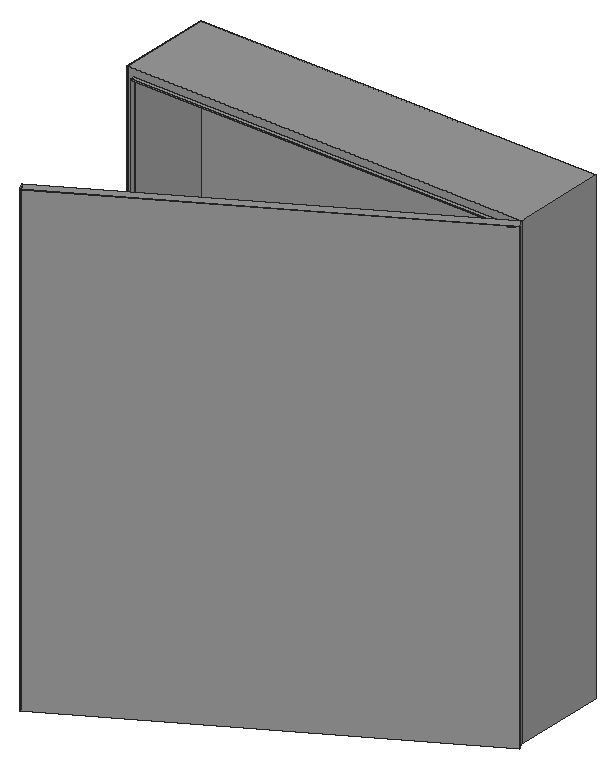
Revit family "Hager-Univers-IP54-D205-H950-Cl.II-Encl-NoHosted-CH-de", category Equipement électrique, Revit 2020
Family settings
  Configuration du panneau = Deux colonnes, circuits au sein
  Cote de connecteur circulaire = Utiliser le diamètre
  Type d'élément = Tableau de raccordement
  Basée sur le plan de construction = Oui
  Toujours verticalement = Oui
  Couper avec des vides une fois chargée = Non
  Partagée = Non
  Point de calcul de pièce = Non
Parameters (values of type "Aufputz IP54 B800 H950 T205  - FP63QSW")
  Width Control [instance] = if([EF000008 - Breite] > Min Width, [EF000008 - Breite], Min Width)  # 800 mm
  Commentaires du type = [HG000003 - Bereich]  # "Univers"
  Thickness Door [instance] = if([EF009171 - Materialstärke Tür/Deckel] > 3 mm, 3 mm, [EF009171 - Materialstärke Tür/Deckel])  # 1 mm
  Seal Frame Offset [instance] = 17 mm  # constant formula
  Plinth Visibility [instance] = [HG000027 - Sockelhöhe] > 0 mm  # no
  Min Width [instance] = 100 mm  # constant formula
  Min Depth [instance] = (2 * [EF009170 - Materialstärke Gehäuse]) + 1 mm  # 3 mm
  Min Height [instance] = 100 mm  # constant formula
  Internal Frame Depth [instance] = (Door System Depth * 0.5)  # 9 mm
  Panel Name [instance] = ""  # (empty or 0)
  Model = ""
  HG000027 - Sockelhöhe = 0 mm
  HG000026 - Stehend auf dem Boden = no
  HG000024 - Höhe des unteren Teils = 600 mm
  HG000023 - Gehäuse mit doppeltem Querschnitt = no
  HG000016 - 3D-Türsichtbarkeit [instance] = yes
  HG000015 - Sichtbarkeit der Türöffnung [instance] = no
  HG000014 - Tür rechts [instance] = yes
  HG000013 - Tür links [instance] = not([HG000014 - Tür rechts])  # no
  HG000012 - Türschwenkwinkel [instance] = 30.00°
  HG000010 - Asymmetrische Türen = no
  HG000009 - Doppelflügeligen Tür = no
  HG000006 - Unterputz = no
  HG000004 - Herstellerreferenz = "FP63QSW"
  HG000003 - Bereich = "Univers"
  HG000002 - Mit tür = yes
  Frame Offset Bottom [instance] = 10 mm  # constant formula
  Frame Offset [instance] = 15 mm  # constant formula
  EF015940 - Deckel mit Überdruckentlastung = no
  EF011959 - Schutzart (NEMA) = ""
  EF009554 - Anzahl der Öffnungen für Flanschplatten = 6
  EF009212 - Ausführung Deckel = "EV000116 - geschlossen"
  EF009171 - Materialstärke Tür/Deckel = 1 mm
  EF009170 - Materialstärke Gehäuse = 1 mm
  EF008873 - Nennstrom (In) = 250 A
  EF007800 - Geeignet für Blitzschutz = no
  EF006306 - Mit Schloss = no
  EF006244 - Transparenter Deckel/Tür = no
  EF005474 - Schutzart (IP) = "EV006419 - IP54"
  EF004464 - Art der Tür = "EV002646 - Einzel"
  EF004427 - Anzahl der Module = 216
  EF004293 - Schlagfestigkeit = "EV006815 - IK09"
  EF003532 - Geeignet für Außengebrauch = no
  EF002950 - Breite in Teilungseinheiten = 36
  EF001613 - Funktionserhalt = "EV000494 - ohne"
  EF001596 - Werkstoff des Gehäuses = "EV000179 - Stahl"
  EF001131 - Innentiefe = 143 mm
  EF001088 - Anbaumöglichkeit = yes
  EF000437 - Anzahl der Leitungseinführungen = 6
  EF000339 - Art der Abdeckung = "EV001012 - Deckel"
  EF000266 - Anzahl der Reihen = 6
  EF000218 - Einbautiefe = 0 mm
  EF000118 - Mit Montageplatte = no
  EF000116 - RAL-Nummer = "9010"
  EF000049 - Tiefe = 205 mm
  EF000040 - Höhe = 950 mm
  EF000008 - Breite = 800 mm
  EF000007 - Farbe = "EV000202 - weiß"
  EF000003 - Montageart = "EV000384 - Aufputz"
  Door System Leaf Tolerance [instance] = 1.5 mm  # constant formula
  Door System Depth [instance] = 18 mm  # constant formula
  Door Height [instance] = Height Control - [HG000027 - Sockelhöhe]  # 950 mm
  Description = ""
  Default Elevation = 1219.2 mm
  Connector Offset [instance] = Height Control / 2  # 475 mm
  Fabricant = "Hager"  # constant formula
  Height Control [instance] = if([EF000040 - Höhe] > Min Height, [EF000040 - Höhe], Min Height)  # 950 mm
  Depth Control [instance] = if([EF000049 - Tiefe] > Min Depth, [EF000049 - Tiefe], Min Depth)  # 205 mm
  Bottom Top Plate Trim [instance] = 1.5 mm  # constant formula
  Plinth height Ctrl [instance] = if([HG000027 - Sockelhöhe] > 0 mm, [HG000027 - Sockelhöhe], 12 mm)  # 12 mm
Types (5, lengths in mm): name | Width Control | HG000010 - Asymmetrische Türen | HG000009 - Doppelflügeligen Tür | HG000004 - Herstellerreferenz | EF009554 - Anzahl der Öffnungen für Flanschplatten | EF004464 - Art der Tür | EF004427 - Anzahl der Module | EF002950 - Breite in Teilungseinheiten | EF001131 - Innentiefe | EF000437 - Anzahl der Leitungseinführungen | EF000339 - Art der Abdeckung | EF000008 - Breite
  Aufputz IP54 B1050 H950 T205  - FP64QSW | 1050 | no | no | "FP64QSW" | 8 | "EV003602 - Doppel" | 288 | 48 | 143 | 8 | "EV001012 - Deckel" | 1050
  Aufputz IP54 B1300 H950 T205  - FP65QSW | 1300 | yes | yes | "FP65QSW" | 10 | "EV003602 - Doppel" | 360 | 60 | 130 | 10 | "EV004216 - Tür" | 1300
  Aufputz IP54 B300 H950 T205  - FP61QSW | 300 | no | no | "FP61QSW" | 2 | "EV002646 - Einzel" | 72 | 12 | 130 | 2 | "EV004216 - Tür" | 300
  Aufputz IP54 B550 H950 T205  - FP62QSW | 550 | no | no | "FP62QSW" | 4 | "EV002646 - Einzel" | 144 | 24 | 130 | 4 | "EV001012 - Deckel" | 550
  Aufputz IP54 B800 H950 T205  - FP63QSW | 800 | no | no | "FP63QSW" | 6 | "EV002646 - Einzel" | 216 | 36 | 143 | 6 | "EV001012 - Deckel" | 800
Reference planes
  plane 1 "Center (Front/Back)": y = 0
  plane 2: z = 0
  plane 3 "Center (Left/Right)": x = 0
  plane 4: y = 0
  plane 5: y = 0
  plane 6: z = 0
  plane 7: x = -400
  plane 8: x = 400
  plane 9: x = 399
  plane 10: x = -399
  plane 11: z = 0
  plane 12: z = 1
  plane 13: y = -205
  plane 14: y = -1
  plane 15: x = 0
  plane 16: y = -187
  plane 17: y = -204
  plane 18: y = -186
  plane 19: x = -384
  plane 20: x = 384
  plane 21: z = 11
  plane 22: x = -383
  plane 23: x = 383
  plane 24: z = 0
  plane 25: z = 950
  plane 26: z = 950
  plane 27: z = 934
  plane 28: z = 949
Forms (mm)
  Extrusion 1, solid, material "Hager_Steel_RAL7035_Light_Grey", detail levels medium+fine
    sketch origin (-208.679, -4572, 0) x (-1, 0, 0) y (0, -1, 0)
      loop
        line (191.321, -4385) -> (-608.679, -4385) -> (-608.679, -4572) -> (191.321, -4572) -> (191.321, -4385)
    from 0 to 950
  Extrusion 2, void
    sketch origin (-350.771, -205, 1219.2) x (1, 0, 0) y (0, 0, 1)
      loop
        line (-48.229, -270.2) -> (-48.229, -1218.2) -> (749.771, -1218.2) -> (749.771, -270.2) -> (-48.229, -270.2)
    from -19 to -204
  Extrusion 3, void
    sketch origin (-290.084, -187, 1219.2) x (1, 0, 0) y (0, 0, 1)
      loop
        line (-93.916, -1208.2) -> (674.084, -1208.2) -> (674.084, -285.2) -> (-93.916, -285.2) -> (-93.916, -1208.2)
    from 0 to -1
  Extrusion 4, solid, material "Hager_Steel_RAL7035_Light_Grey", visible <- "Plinth Visibility", detail levels medium+fine
    sketch origin (0, 0, 0) x (1, 0, 0) y (0, 1, 0)
      loop
        line (-400, 0) -> (-400, -187) -> (400, -187) -> (400, 0) -> (-400, 0)
    from 0 to 12 <- "Plinth height Ctrl"
  Extrusion 5, solid, material "Hager_Steel_RAL7035_Light_Grey", detail levels coarse
    sketch origin (0, 0, 0) x (1, 0, 0) y (0, 1, 0)
      loop
        line (-400, 0) -> (-400, -205) -> (400, -205) -> (400, 0) -> (-400, 0)
    from 0 to 950 <- "Height Control"
  Sweep 6, void
    path in 3D
      loop
        line (-400, -187, 12) -> (400, -187, 12) -> (400, 0, 12) -> (-400, 0, 12) -> (-400, -187, 12)
    profile origin (-400, -93.5, 12) x (1, 0, 0) y (0, 0, 1)
      loop
        line (0, 0) -> (0, -1.5) -> (1.5, -1.5)
        arc (1.5, -1.5) -> (1.061, -0.439) -> (0, 0) r 1.5
  Extrusion 7, solid, material "Hager_Steel_RAL7035_Light_Grey", detail levels fine
    sketch origin (-400, -187, 0) x (1, 0, 0) y (0, 0, 1)
      loop
        line (16, 11) -> (784, 11) -> (784, 934) -> (16, 934) -> (16, 11)
      loop
        line (15, 10) -> (785, 10) -> (785, 935) -> (15, 935) -> (15, 10)
    from 0 to 9 <- "Internal Frame Depth"
Cuts and joins
  Extrusion 2, Extrusion 3 cuts Extrusion 1
  Sweep 6 cuts Extrusion 4
Lines and regions (mm)
  Masking region 1
    outline origin (0, 0, 0) x (1, 0, 0) y (0, 1, 0)
      loop
        line (-400, 0) -> (-400, -205) -> (400, -205) -> (400, 0) -> (-400, 0)
  Masking region 2, detail levels coarse
    outline origin (-290.084, -187, 1219.2) x (-1, 0, 0) y (0, 0, 1)
      loop
        line (-690.084, -1219.2) -> (109.916, -1219.2) -> (109.916, -269.2) -> (-690.084, -269.2) -> (-690.084, -1219.2)
  Masking region 3, detail levels coarse
    outline origin (0, 0, 0) x (0, 1, 0) y (0, 0, 1)
      loop
        line (0, 0) -> (0, 950) -> (-205, 950) -> (-205, 0) -> (0, 0)
  Masking region 4, visible <- "Plinth Visibility", detail levels medium+fine
    outline origin (0, 0, 0) x (0, 1, 0) y (0, 0, 1)
      loop
        line (-1.5, 12) -> (-185.5, 12)
        arc (-185.5, 12) -> (-185.939, 10.939) -> (-187, 10.5) r 1.5
        line (-187, 10.5) -> (-187, 0) -> (0, 0) -> (0, 10.5)
        arc (0, 10.5) -> (-1.061, 10.939) -> (-1.5, 12) r 1.5
  Masking region 5, detail levels medium+fine
    outline origin (0, 0, 594.038) x (0, 1, 0) y (0, 0, 1)
      loop
        line (0, -594.038) -> (0, 355.962) -> (-187, 355.962) -> (-187, -594.038) -> (0, -594.038)
  Masking region 6, detail levels medium+fine
    outline origin (-359.7, -187, 1211.883) x (-1, 0, 0) y (0, 0, 1)
      loop
        line (-759.7, -1211.883) -> (40.3, -1211.883) -> (40.3, -261.883) -> (-759.7, -261.883) -> (-759.7, -1211.883)
  Masking region 7, visible <- "Plinth Visibility", detail levels medium+fine
    outline origin (-320.334, -187, 1041.368) x (-1, 0, 0) y (0, 0, 1)
      loop
        line (-720.334, -1041.368) -> (79.666, -1041.368) -> (79.666, -1030.868)
        arc (79.666, -1030.868) -> (78.606, -1030.429) -> (78.166, -1029.368) r 1.5
        line (78.166, -1029.368) -> (-718.834, -1029.368)
        arc (-718.834, -1029.368) -> (-719.273, -1030.429) -> (-720.334, -1030.868) r 1.5
        line (-720.334, -1030.868) -> (-720.334, -1041.368)
  sketch lines
    curve 1: line (-400, 0, 12) -> (-400, -187, 12)
    curve 2: line (-400, -187, 12) -> (400, -187, 12)
    curve 3: line (400, 0, 12) -> (-400, 0, 12)
    curve 4: line (400, -187, 12) -> (400, 0, 12)
Dimensions and locks
  locked: plane 1 "Center (Front/Back)" to plane 5
  "EF009170 - Materialstärke Gehäuse": plane 7 to plane 10
  "EF009170 - Materialstärke Gehäuse": plane 8 to plane 9
  equal spacing: plane 7, plane 3 "Center (Left/Right)", plane 8
  "Width Control": plane 7 to plane 8
  "Depth Control": plane 4 to plane 13
  "EF009170 - Materialstärke Gehäuse": plane 4 to plane 14
  "Height Control": plane 25 to level
  "HG000027 - Sockelhöhe": plane 11 to level
  "EF009170 - Materialstärke Gehäuse": plane 12 to plane 11
  "EF009170 - Materialstärke Gehäuse": plane 17 to plane 13
  "EF009170 - Materialstärke Gehäuse": plane 18 to plane 16
  "Frame Offset Bottom": plane 21 to plane 12
  "Frame Offset": plane 10 to plane 19
  "Frame Offset": plane 9 to plane 20
  "Door System Depth": plane 16 to plane 13
  "Seal Frame Offset": plane 7 to plane 22
  "Seal Frame Offset": plane 8 to plane 23
  "EF009170 - Materialstärke Gehäuse": plane 26 to plane 28
  "Frame Offset": plane 28 to plane 27
  "Connector Offset": plane 2 to connector elem
  "Bottom Top Plate Trim": profile plane to Sweep 6 sketch curve
  "Bottom Top Plate Trim": Sweep 6 sketch curve to Sweep 6 sketch curve
  "Plinth height Ctrl": Masking region 4 sketch curve to level
  "Plinth height Ctrl": Masking region 7 sketch curve to level
  "Thickness Door": Extrusion 7 sketch curve to Extrusion 7 sketch curve  (x4)
  "Bottom Top Plate Trim": radius of Sweep 6 sketch curve
  "Bottom Top Plate Trim": radius of Masking region 4 sketch curve  (x2)
  "Bottom Top Plate Trim": radius of Masking region 7 sketch curve  (x2)
  aligned and locked: Extrusion 2 sketch curve to plane 12
  aligned and locked: Extrusion 2 sketch curve to plane 9
  aligned and locked: Extrusion 2 sketch curve to plane 10
  aligned and locked: Extrusion 2 to plane 14
  aligned and locked: Extrusion 1 sketch curve to plane 4
  aligned and locked: plane 8 to Extrusion 1 sketch curve
  aligned and locked: plane 7 to Extrusion 1 sketch curve
  aligned and locked: Extrusion 2 to plane 18
  aligned and locked: Extrusion 3 sketch curve to plane 19
  aligned and locked: plane 20 to Extrusion 3 sketch curve
  aligned and locked: Extrusion 3 to Extrusion 2
  aligned and locked: Extrusion 3 sketch curve to plane 21
  aligned and locked: plane 3 "Center (Left/Right)" to nested 1
  aligned and locked: Extrusion 1 sketch curve to plane 16
  aligned and locked: Extrusion 4 sketch curve to cut or joined group of Extrusion 1, Extrusion 2, Extrusion 3
  aligned and locked: Masking region 1 sketch curve to plane 7
  aligned and locked: Masking region 1 sketch curve to plane 5
  aligned and locked: Masking region 1 sketch curve to plane 8
  aligned and locked: Masking region 2 sketch curve to level
  aligned and locked: level to Masking region 3 sketch curve
  aligned and locked: plane 1 "Center (Front/Back)" to Masking region 3 sketch curve
  aligned and locked: plane 13 to Masking region 3 sketch curve
  aligned and locked: plane 5 to Masking region 4 sketch curve
  aligned and locked: Masking region 2 sketch curve to plane 8
  aligned and locked: Masking region 2 sketch curve to plane 7
  aligned and locked: plane 7 to nested 2
  aligned and locked: nested 2 to plane 5
  aligned and locked: plane 5 to Masking region 5 sketch curve
  aligned and locked: plane 26 to Masking region 5 sketch curve
  aligned and locked: Extrusion 5 sketch curve to plane 8
  aligned and locked: Extrusion 5 sketch curve to plane 7
  aligned and locked: Extrusion 5 sketch curve to plane 5
  aligned and locked: Extrusion 3 sketch curve to plane 27
  aligned and locked: Extrusion 2 sketch curve to plane 28
  aligned and locked: Masking region 2 to plane 25
  aligned and locked: Extrusion 4 to plane 16
  aligned and locked: profile plane to Sweep 6 sketch curve
  aligned and locked: Masking region 5 sketch curve to plane 24
  aligned and locked: level to Masking region 4 sketch curve
  aligned and locked: Masking region 1 to plane 13
  aligned and locked: nested 1 to plane 16
  aligned and locked: Masking region 3 to plane 25
  aligned and locked: plane 16 to Masking region 4 sketch curve
  aligned and locked: Masking region 5 sketch curve to plane 16
  aligned and locked: plane 24 to plane 11
  aligned and locked: plane 26 to plane 25
  aligned and locked: plane 26 to cut or joined group of Extrusion 1, Extrusion 2, Extrusion 3
  aligned and locked: nested 1 to plane 24
  aligned and locked: Extrusion 1 to Extrusion 3
  aligned and locked: Masking region 6 sketch curve to plane 8
  aligned and locked: Masking region 6 sketch curve to plane 24
  aligned and locked: Masking region 6 sketch curve to plane 7
  aligned and locked: Masking region 6 sketch curve to plane 26
  aligned and locked: Masking region 7 sketch curve to plane 7
  aligned and locked: level to Masking region 7 sketch curve
  aligned and locked: Masking region 7 sketch curve to plane 8
  aligned and locked: Extrusion 7 sketch curve to cut or joined group of Extrusion 1, Extrusion 2, Extrusion 3  (x4)
Automatic sketch dimensions
  plane 19 to Extrusion 3 sketch curve = 0 mm
  Extrusion 3 sketch curve to plane 20 = 0 mm
  Extrusion 3 sketch curve to plane 21 = 0 mm
  Extrusion 4 sketch curve to plane 7 = 0 mm
  Extrusion 4 sketch curve to plane 8 = 0 mm
  Extrusion 4 sketch curve to plane 16 = 0 mm
  Masking region 1 sketch curve to plane 13 = 0 mm
  Masking region 2 sketch curve to plane 25 = 0 mm
  Masking region 3 sketch curve to plane 25 = 0 mm
  Extrusion 5 sketch curve to plane 13 = 0 mm
  profile plane to Sweep 6 sketch curve = 0 mm
Nested families
  nested 1: "EC000058_Univers_Door" at (0, -187, 0), Double <- "HG000009 - Doppelflügeligen Tür", Transparent <- "EF006244 - Transparenter Deckel/Tür", Angle <- "HG000012 - Türschwenkwinkel", Door_Right <- "HG000014 - Tür rechts", Assymetrical <- "HG000010 - Asymmetrische Türen", Door <- "HG000002 - Mit tür", Width_Ctrl <- "Width Control", 3d_Door <- "HG000016 - 3D-Türsichtbarkeit", Clearance <- "HG000015 - Sichtbarkeit der Türöffnung", Door_Left <- "HG000013 - Tür links", Width <- "Width Control", Door_Depth <- "Door System Depth", Leaf_Tolerance <- "Door System Leaf Tolerance", Height <- "Door Height", Lock_Visibility <- "EF006306 - Mit Schloss", Thickness <- "Thickness Door", type "EC000058_Univers_Door", detail levels medium+fine
    with min_wh 3 mm, Width_Ctrl 800 mm, Width 800 mm, Transparent no, Thickness 1 mm, Seal_Material Hager_Rubber, Lock_Visibility no, Lock_Material Hager_Plastic_RAL9005_Jet_Black, Leaf_Width 800 mm, Leaf_Tolerance_External_Sides 0 mm, Leaf_Tolerance 1.5 mm, Leaf_Offset 0 mm, Leaf_Height 947 mm, Leaf_2_Width 800 mm, Leaf_2_Offset 400 mm, Leaf_1_Width 800 mm, Leaf_1_Offset 400 mm, Height_Ctrl 950 mm, Height 950 mm, Glass_Material Hager_Glass, Double_Clearance_Ctrl no, Double no, Door_Right_Ctrl yes, Door_Right yes, Door_Material Hager_Steel_RAL7035_Light_Grey, Door_Left_Ctrl no, Door_Left no, Door_Depth 18 mm, Door yes, Clearance_Material Hager_Clearance, Clearance_Depth 800 mm, Clearance_Ctrl no, Clearance no, Assymetrical no, Angle 30.00°, 3d_Door yes
  nested 2: "Hager_Enclosure_Symbol" at (-400, 0, 0), Height <- "Depth Control", Width <- "Width Control", type "Hager_Enclosure_Symbol"
    with Width_Ctrl 800 mm, Width 800 mm, Height_Ctrl 205 mm, Height 205 mm, A_Width_Int 13.453 mm, A_Width 161.438 mm, A_Height_Ctrl 179.375 mm, A_Height 179.375 mm
Connectors
  electrical at (0, 0, 475)
    settings: on plane 1 "Center (Front/Back)", index 1, voltage 0 V, apparent load 0 VA, apparent load phase1 0 VA, apparent load phase2 0 VA, apparent load phase3 0 VA, power factor 1, load classification "Other", number of poles 1, system type 30, power factor state 1, is connector primary yes, connector utility no, sub classification motor no, connector description ""
Definition of nested family "EC000058_Univers_Door"
  Parameters (values of type "EC000058_Univers_Door")
    min_wh [instance] = (2 * Thickness) + 1 mm  # 11 mm
    Width_Ctrl [instance] = 400 mm
    Width [instance] = 500 mm
    Transparent [instance] = yes
    Thickness [instance] = 5 mm
    Seal_Material [instance] = none
    Lock_Visibility [instance] = yes
    Lock_Material [instance] = none
    Leaf_Width [instance] = if((Width_Ctrl - 2 * Leaf_Tolerance_External_Sides) > 0 mm, (Width_Ctrl - 2 * Leaf_Tolerance_External_Sides), min_wh)  # 400 mm
    Leaf_Tolerance_External_Sides [instance] = 0 mm  # constant formula
    Leaf_Tolerance [instance] = 1.5 mm
    Leaf_Offset [instance] = 0 mm  # constant formula
    Leaf_Height [instance] = if((Height_Ctrl - 2 * Leaf_Tolerance) > 0 mm, (Height_Ctrl - 2 * Leaf_Tolerance), min_wh)  # 497 mm
    Leaf_2_Width [instance] = if(and(and(Double, Assymetrical), Door_Left), (Leaf_Width / 3) - (Leaf_Tolerance / 2), if(and(and(Double, Assymetrical), Door_Right), (Leaf_Width / 3) * 2 - (Leaf_Tolerance / 2), if(and(Double, not(Assymetrical)), (Leaf_Width / 2) - Leaf_Tolerance, Leaf_Width)))  # 400 mm
    Leaf_2_Offset [instance] = if(and(Double, Assymetrical), Leaf_2_Width / 2, if(and(Double, not(Assymetrical)), Leaf_Width / 4, Leaf_Width / 2))  # 200 mm
    Leaf_1_Width [instance] = if(and(and(Double, Assymetrical), Door_Right), (Leaf_Width / 3) - (Leaf_Tolerance / 2), if(and(and(Double, Assymetrical), Door_Left), (Width / 3) * 2 - (Leaf_Tolerance / 2), if(and(Double, not(Assymetrical)), (Leaf_Width / 2) - Leaf_Tolerance, Leaf_Width)))  # 400 mm
    Leaf_1_Offset [instance] = if(and(Double, Assymetrical), Leaf_1_Width / 2, if(and(Double, not(Assymetrical)), Leaf_Width / 4, Leaf_Width / 2))  # 200 mm
    Height_Ctrl [instance] = if(Height > min_wh, Height, min_wh)  # 500 mm
    Height [instance] = 500 mm
    Glass_Material [instance] = none
    Double_Clearance_Ctrl [instance] = and(Double, Clearance)  # no
    Double [instance] = no
    Door_Right_Ctrl [instance] = and(or(Door_Right, Double), Door)  # yes
    Door_Right [instance] = yes
    Door_Material [instance] = none
    Door_Left_Ctrl [instance] = and(or(Door_Left, Double), Door)  # no
    Door_Left [instance] = no
    Door_Depth [instance] = 30 mm
    Door [instance] = yes
    Default Elevation = 1219.2 mm
    Clearance_Material [instance] = none
    Clearance_Depth [instance] = if(Leaf_1_Width > Leaf_2_Width, Leaf_1_Width, Leaf_2_Width)  # 400 mm
    Clearance_Ctrl [instance] = and(not(Double), Clearance)  # yes
    Clearance [instance] = yes
    Assymetrical [instance] = yes
    Angle [instance] = 30.00°
    3d_Door [instance] = yes
  Reference planes
    plane 1 "Center (Front/Back)": y = 0
    plane 2 "Bottom": z = 0
    plane 3 "Center (Left/Right)": x = 0
    plane 4: z = 500
    plane 5: x = -200
    plane 6: x = 200
    plane 7: z = 500
    plane 8: x = -200
    plane 9: z = 0
    plane 10: x = 200
    plane 11: y = 0
    plane 12: z = 1.5
    plane 13: x = -600
    plane 14: y = -400
    plane 15: x = 600
    plane 16: x = 0
    plane 17: x = 0
    plane 18: x = -200
    plane 19: x = 200
    plane 20: z = 498.5
  Forms (mm)
    Extrusion 1, solid, material <- "Clearance_Material", visible <- "Double_Clearance_Ctrl"
      sketch origin (1200, 0, 0) x (1, 0, 0) y (0, 0, -1)
        loop
          line (-1800, -498.5) -> (-600, -498.5) -> (-600, 0) -> (-1800, 0) -> (-1800, -498.5)
      from 0 to -400
  Dimensions and locks
    equal spacing: plane 5, plane 3 "Center (Left/Right)", plane 6
    "Width_Ctrl": plane 5 to plane 6
    "Leaf_Offset": plane 5 to plane 8
    "Leaf_Offset": plane 6 to plane 10
    "Leaf_Offset": plane 9 to level
    "Leaf_Offset": plane 4 to plane 7
    "Height_Ctrl": plane 4 to level
    "Leaf_Tolerance": plane 12 to plane 9
    locked: plane 11 to plane 1 "Center (Front/Back)"
    "Leaf_1_Offset": plane 18 to plane 16
    "Leaf_2_Offset": plane 17 to plane 19
    "Leaf_1_Width": plane 13 to plane 8
    "Leaf_2_Width": plane 10 to plane 15
    "Clearance_Depth": plane 14 to plane 1 "Center (Front/Back)"
    "Leaf_Tolerance_External_Sides": plane 8 to plane 18
    "Leaf_Tolerance_External_Sides": plane 19 to plane 10
    "Leaf_Tolerance": plane 7 to plane 20
    aligned and locked: level to plane 2 "Bottom"
    aligned and locked: nested 1 to plane 16
    aligned and locked: nested 2 to plane 17
    aligned and locked: Extrusion 1 to plane 13
    aligned and locked: plane 15 to Extrusion 1
    aligned and locked: Extrusion 1 to plane 14
    aligned and locked: plane 12 to nested 1
    aligned and locked: nested 2 to plane 12
    aligned and locked: Extrusion 1 to plane 11
    aligned and locked: plane 20 to Extrusion 1
    aligned and locked: nested 2 to plane 11
    aligned and locked: nested 1 to plane 11
  Automatic sketch dimensions
    Extrusion 1 sketch curve to level = 0 mm
    plane 5 to Extrusion 1 sketch curve = 400 mm
    plane 6 to Extrusion 1 sketch curve = 400 mm
    Extrusion 1 sketch curve to plane 4 = 1.5 mm
  Nested families
    nested 1: "EC000058_Univers_Door_Leaf" at (0, 0, 1.5), Width <- "Leaf_1_Width", visible <- "Door_Left_Ctrl", Leaf_Height <- "Leaf_Height", Angle <- "Angle", 3d_Door <- "3d_Door", Transparent <- "Transparent", Clearance Material <- "Clearance_Material", Clearance <- "Clearance_Ctrl", Door_Material <- "Door_Material", Glass_Material <- "Glass_Material", Door_Depth <- "Door_Depth", Lock_Material <- "Lock_Material", Seal_Material <- "Seal_Material", Lock_Visibility <- "Lock_Visibility", Thickness <- "Thickness", type "EC000058_Univers_Door_Leaf"
      with Width 400 mm, Transparent_Glass_Offset 30 mm, Transparent_Ctrl yes, Transparent yes, Thickness 5 mm, Standard no, Seal_Material none, Seal_D2 8 mm, Seal_D1 1 mm, Offset_Internal_Frame 10 mm, Lock_Width 20 mm, Lock_Visibility_3d yes, Lock_Visibility yes, Lock_Thickness_3 3 mm, Lock_Thickness_2 1 mm, Lock_Thickness_1 3 mm, Lock_Radius_Offset_2 16 mm, Lock_Radius_Offset_1 15 mm, Lock_Radius_2 5 mm, Lock_Radius 6 mm, Lock_Offset 5 mm, Lock_Material none, Lock_Height 80 mm, Lock_Cover_Top_Offset_2d 17 mm, Lock_Cover_Height -65 mm, Leaf_Height 497 mm, Internal_Seal_Thickness 8 mm, Internal_Seal_Depth_2 4.5 mm, Internal_Frame_Depth 25 mm, Glass_Thickness -1 mm, Glass_Offset -2 mm, Glass_Material none, Door_Material none, Door_Depth 30 mm, Clearance Material none, Clearance yes, Angle_Ctrl 30.00°, Angle 30.00°, 3d_Door yes
    nested 2: "EC000058_Univers_Door_Leaf" at (0, 0, 1.5) x (-1, 0, 0) z (0, 0, 1), Width <- "Leaf_2_Width", visible <- "Door_Right_Ctrl", Leaf_Height <- "Leaf_Height", Angle <- "Angle", 3d_Door <- "3d_Door", Transparent <- "Transparent", Clearance Material <- "Clearance_Material", Clearance <- "Clearance_Ctrl", Door_Material <- "Door_Material", Glass_Material <- "Glass_Material", Door_Depth <- "Door_Depth", Lock_Material <- "Lock_Material", Seal_Material <- "Seal_Material", Lock_Visibility <- "Lock_Visibility", Thickness <- "Thickness", type "EC000058_Univers_Door_Leaf"
      with Width 400 mm, Transparent_Glass_Offset 30 mm, Transparent_Ctrl yes, Transparent yes, Thickness 5 mm, Standard no, Seal_Material none, Seal_D2 8 mm, Seal_D1 1 mm, Offset_Internal_Frame 10 mm, Lock_Width 20 mm, Lock_Visibility_3d yes, Lock_Visibility yes, Lock_Thickness_3 3 mm, Lock_Thickness_2 1 mm, Lock_Thickness_1 3 mm, Lock_Radius_Offset_2 16 mm, Lock_Radius_Offset_1 15 mm, Lock_Radius_2 5 mm, Lock_Radius 6 mm, Lock_Offset 5 mm, Lock_Material none, Lock_Height 80 mm, Lock_Cover_Top_Offset_2d 17 mm, Lock_Cover_Height -65 mm, Leaf_Height 497 mm, Internal_Seal_Thickness 8 mm, Internal_Seal_Depth_2 4.5 mm, Internal_Frame_Depth 25 mm, Glass_Thickness -1 mm, Glass_Offset -2 mm, Glass_Material none, Door_Material none, Door_Depth 30 mm, Clearance Material none, Clearance yes, Angle_Ctrl 30.00°, Angle 30.00°, 3d_Door yes
  Definition of nested family "EC000058_Univers_Door_Leaf"
    Parameters (values of type "EC000058_Univers_Door_Leaf")
      Width [instance] = 2000 mm
      Transparent_Glass_Offset [instance] = 30 mm
      Transparent_Ctrl [instance] = and(Transparent, [3d_Door])  # yes
      Transparent [instance] = yes
      Thickness [instance] = 5 mm
      Standard [instance] = and(not(Transparent), [3d_Door])  # no
      Seal_Material [instance] = none
      Seal_D2 [instance] = 8 mm  # constant formula
      Seal_D1 [instance] = 1 mm  # constant formula
      Offset_Internal_Frame [instance] = 10 mm  # constant formula
      Lock_Width [instance] = 20 mm  # constant formula
      Lock_Visibility_3d [instance] = and(Lock_Visibility, [3d_Door])  # yes
      Lock_Visibility [instance] = yes
      Lock_Thickness_3 [instance] = 3 mm  # constant formula
      Lock_Thickness_2 [instance] = 1 mm  # constant formula
      Lock_Thickness_1 [instance] = 3 mm  # constant formula
      Lock_Radius_Offset_2 [instance] = Lock_Radius_Offset_1 + 1 mm  # 16 mm
      Lock_Radius_Offset_1 [instance] = 15 mm  # constant formula
      Lock_Radius_2 [instance] = Lock_Radius - 1 mm  # 5 mm
      Lock_Radius [instance] = 6 mm  # constant formula
      Lock_Offset [instance] = 5 mm  # constant formula
      Lock_Material [instance] = none
      Lock_Height [instance] = 80 mm  # constant formula
      Lock_Cover_Top_Offset_2d [instance] = Lock_Radius_Offset_2 + 1 mm  # 17 mm
      Lock_Cover_Height [instance] = -(Lock_Height - Lock_Radius_Offset_1)  # -65 mm
      Leaf_Height [instance] = 2720.336 mm
      Internal_Seal_Thickness [instance] = 8 mm  # constant formula
      Internal_Seal_Depth_2 [instance] = 4.5 mm  # constant formula
      Internal_Frame_Depth [instance] = if(Door_Depth - Thickness > 5 mm, Door_Depth - Thickness, 5 mm)  # 25 mm
      Glass_Thickness [instance] = if(Thickness > 15 mm, Glass_Offset + 10 mm, -1 mm)  # -1 mm
      Glass_Offset [instance] = if(Thickness > 15 mm, -(Thickness + 10 mm) / 2, -2 mm)  # -2 mm
      Glass_Material [instance] = none
      Door_Material [instance] = none
      Door_Depth [instance] = 30 mm
      Default Elevation = 0 mm
      Clearance Material [instance] = none
      Clearance [instance] = yes
      Angle_Ctrl [instance] = if(Angle > 180.00°, 180.00°, Angle)  # 90.00°
      Angle [instance] = 90.00°
      3d_Door [instance] = yes
    Reference planes
      plane 1 "Center (Front/Back)": y = 0
      plane 2: z = 0
      plane 3 "Center (Left/Right)": x = 0
      plane 4: y = 2000
      plane 5: x = -1000
      plane 6: x = 1000
      plane 7: x = -3000
      plane 8: z = 2720.336
      plane 9: z = 30
      plane 10: z = 2690.336
      plane 11: x = 970
      plane 12: x = -970
      plane 13: y = -3
      plane 14: z = 107.833
      plane 15: y = -5
      plane 16: y = -223.314
      plane 17: x = -1000
      plane 18: z = 1360.168
      plane 19: y = 30
    Forms (mm)
      Extrusion 1, solid, material <- "Clearance Material", visible <- "Clearance"
        sketch origin (0, 0, 0) x (1, 0, 0) y (0, 0, 1)
          loop
            line (-3000, 2720.336) -> (-3000, 0) -> (1000, 0) -> (1000, 2720.336) -> (-3000, 2720.336)
        from 0 to -2000
      Extrusion 2, solid, material <- "Door_Material", visible <- "Standard", detail levels medium+fine
        sketch origin (-1000, 0, 0) x (0, 1, 0) y (-1, 0, 0)
          loop
            line (0, 30) -> (0, 25) -> (2000, 25) -> (2000, 30) -> (0, 30)
        from 0 to 2720.336 <- "Leaf_Height"
      Extrusion 3, solid, material <- "Door_Material", visible <- "Transparent_Ctrl", detail levels medium+fine
        sketch origin (-1000, 0, 0) x (0, 1, 0) y (-1, 0, 0)
          loop
            line (0, 25) -> (2000, 25) -> (2000, 30) -> (0, 30) -> (0, 25)
        from 0 to 2720.336 <- "Leaf_Height"
      Extrusion 4, void
        sketch origin (-1025, 2000, 0) x (0, 1, 0) y (0, 0, -1)
          loop
            line (-30, -2690.336) -> (-30, -30) -> (-1970, -30) -> (-1970, -2690.336) -> (-30, -2690.336)
        from 0 to 5 <- "Thickness"
      Sweep 5, solid, material <- "Seal_Material", visible <- "Transparent_Ctrl", detail levels fine
        path in 3D
          loop
            line (-1025, 30, 30) -> (-1025, 30, 2690.336) -> (-1025, 1970, 2690.336) -> (-1025, 1970, 30) -> (-1025, 30, 30)
        profile origin (-1025, 1000, 30) x (1, 0, 0) y (0, 0, 1)
          loop
            line (0, 0) -> (0, -8) -> (1, -8) -> (1, 0) -> (0, 0)
      Extrusion 6, solid, material <- "Glass_Material", visible <- "Transparent_Ctrl", detail levels medium+fine
        sketch origin (-1030, 0, 0) x (0, 1, 0) y (0, 0, -1)
          loop
            line (1970, -2690.336) -> (1970, -30) -> (30, -30) -> (30, -2690.336) -> (1970, -2690.336)
        from -2 <- "Glass_Offset" to -1 <- "Glass_Thickness"
      Extrusion 7, solid, material <- "Door_Material", visible <- "3d_Door", detail levels medium+fine
        sketch origin (-1025, 2000, 0) x (0, -1, 0) y (0, 0, -1)
          loop
            line (0, -2720.336) -> (2000, -2720.336) -> (2000, 0) -> (0, 0) -> (0, -2720.336)
          loop
            line (1995, -5) -> (5, -5) -> (5, -2715.336) -> (1995, -2715.336) -> (1995, -5)
        from 0 to 25 <- "Internal_Frame_Depth"
      Sweep 8, solid, material <- "Seal_Material", visible <- "Transparent_Ctrl", detail levels fine
        path in 3D
          loop
            line (-1025, 0, 0) -> (-1025, 2000, 0) -> (-1025, 2000, 2720.336) -> (-1025, 0, 2720.336) -> (-1025, 0, 0)
        profile origin (-1025, 0, 1360.168) x (1, 0, 0) y (0, 1, 0)
          loop
            line (0, 10) -> (2.975, 10)
            arc (2.975, 10) -> (4.053, 10.447) -> (4.5, 11.525) r 1.525
            line (4.5, 11.525) -> (4.5, 16.527)
            arc (4.5, 16.527) -> (4.069, 17.569) -> (3.027, 18) r 1.473
            line (3.027, 18) -> (0, 18) -> (0, 10)
      Extrusion 9, solid, material <- "Lock_Material", visible <- "Lock_Visibility_3d", detail levels fine
        sketch origin (-1030, 0, 0) x (0, 1, 0) y (0, 0, -1)
          loop
            arc (1993.5, -1400.168) -> (1994.561, -1399.729) -> (1995, -1398.668) r 1.5
            line (1995, -1398.668) -> (1995, -1320.168) -> (1975, -1320.168) -> (1975, -1398.668)
            arc (1975, -1398.668) -> (1975.439, -1399.729) -> (1976.5, -1400.168) r 1.5
            line (1976.5, -1400.168) -> (1993.5, -1400.168)
        from 3 <- "Lock_Thickness_1" to 0
      Blend 10, solid, material <- "Lock_Material", visible <- "Lock_Visibility_3d", detail levels fine
        base sketch origin (-1033, 0, 0) x (0, 1, 0) y (0, 0, -1)
          loop
            line (1975, -1320.168) -> (1975, -1398.668)
            arc (1975, -1398.668) -> (1975.439, -1399.729) -> (1976.5, -1400.168) r 1.5
            line (1976.5, -1400.168) -> (1993.5, -1400.168)
            arc (1993.5, -1400.168) -> (1994.561, -1399.729) -> (1995, -1398.668) r 1.5
            line (1995, -1398.668) -> (1995, -1320.168) -> (1975, -1320.168)
        top sketch origin (-1033, 0, 0) x (0, 1, 0) y (0, 0, -1)
          loop
            line (1976, -1320.168) -> (1976, -1398.668)
            arc (1976, -1398.668) -> (1976.146, -1399.022) -> (1976.5, -1399.168) r 0.5
            line (1976.5, -1399.168) -> (1993.5, -1399.168)
            arc (1993.5, -1399.168) -> (1993.854, -1399.022) -> (1994, -1398.668) r 0.5
            line (1994, -1398.668) -> (1994, -1320.168) -> (1976, -1320.168)
        from 0 to 1 <- "Lock_Thickness_2"
      Blend 11, solid, material <- "Lock_Material", visible <- "Lock_Visibility_3d", detail levels fine
        base sketch origin (-1034, 0, 0) x (0, 1, 0) y (0, 0, -1)
          loop
            line (1978, -1320.168) -> (1978, -1384.168)
            arc (1978, -1384.168) -> (1985, -1391.168) -> (1992, -1384.168) r 7
            line (1992, -1384.168) -> (1992, -1320.168) -> (1978, -1320.168)
        top sketch origin (-1034, 0, 0) x (0, 1, 0) y (0, 0, -1)
          loop
            line (1991, -1320.168) -> (1979, -1320.168) -> (1979, -1383.168)
            arc (1979, -1383.168) -> (1985, -1389.168) -> (1991, -1383.168) r 6
            line (1991, -1383.168) -> (1991, -1320.168)
        from 0 to 3 <- "Lock_Thickness_3"
      Extrusion 12, solid, material <- "Lock_Material", visible <- "Lock_Visibility_3d", detail levels fine
        sketch origin (-1030, 1975, 1320.168) x (1, 0, 0) y (0, -1, 0)
          loop
            line (-7, -19) -> (-7, -1) -> (0, -1) -> (0, 0) -> (-8, 0) -> (-8, -20) -> (0, -20) -> (0, -19) -> (-7, -19)
        from 0 to -65 <- "Lock_Cover_Height"
      Extrusion 13, void
        sketch origin (-1038, 1995, 1320.168) x (-1, 0, 0) y (0, 0, -1)
          loop
            line (-5, -65) -> (0, -65) -> (-5, -60) -> (-5, -65)
        from 0 to 20 <- "Lock_Width"
      Extrusion 14, void
        sketch origin (-1038, 1975, 1320.168) x (0, -1, 0) y (0, 0, -1)
          loop
            circle (-10, -15.995) r 6
          loop
            circle (-10, -15.995) r 5
        from 0 to 2
      Extrusion 15, solid, material <- "Lock_Material", visible <- "Lock_Visibility_3d", detail levels medium
        sketch origin (-1030, 0, 0) x (0, 1, 0) y (0, 0, -1)
          loop
            arc (1993.5, -1400.168) -> (1994.561, -1399.729) -> (1995, -1398.668) r 1.5
            line (1995, -1398.668) -> (1995, -1320.168) -> (1975, -1320.168) -> (1975, -1398.668)
            arc (1975, -1398.668) -> (1975.439, -1399.729) -> (1976.5, -1400.168) r 1.5
            line (1976.5, -1400.168) -> (1993.5, -1400.168)
        from 8 to 0
    Cuts and joins
      Extrusion 4 cuts Extrusion 3
      Extrusion 13, Extrusion 14 cuts Extrusion 9
      Extrusion 14 cuts Blend 11
      Extrusion 13, Extrusion 14 cuts Extrusion 12
      joined: Extrusion 9, Blend 10, Blend 11, Extrusion 12
      Extrusion 14 cuts Extrusion 15
    Lines and regions (mm)
      Masking region 1, visible <- "Lock_Visibility", detail levels fine
        outline origin (0, 0, 0) x (0, 1, 0) y (0, 0, 1)
          loop
            line (30, 1320.168) -> (33, 1320.168) -> (33, 1400.168) -> (30, 1400.168) -> (30, 1320.168)
      Masking region 2, visible <- "Lock_Visibility", detail levels fine
        outline origin (0, 3.143, 0) x (0, 1, 0) y (0, 0, 1)
          loop
            line (29.857, 1354.168) -> (30.857, 1354.168) -> (30.857, 1366.168) -> (29.857, 1366.168) -> (29.857, 1354.168)
      Masking region 3, detail levels medium+fine
        outline origin (0, 0, 0) x (0, 1, 0) y (0, 0, 1)
          loop
            line (0, 0) -> (30, 0) -> (30, 2720.336) -> (0, 2720.336) -> (0, 0)
      Masking region 4, detail levels medium+fine
        outline origin (0, 0, 0) x (1, 0, 0) y (0, 0, 1)
          loop
            line (-1000, 2720.336) -> (-1000, 0) -> (1000, 0) -> (1000, 2720.336) -> (-1000, 2720.336)
      Masking region 5, visible <- "Lock_Visibility", detail levels fine
        outline origin (-47.116, 0, 0) x (1, 0, 0) y (0, 0, 1)
          loop
            arc (1024.616, 1399.168) -> (1023.556, 1398.729) -> (1023.116, 1397.668) r 1.5
            line (1023.116, 1397.668) -> (1023.116, 1320.168) -> (1041.116, 1320.168) -> (1041.116, 1397.668)
            arc (1041.116, 1397.668) -> (1040.677, 1398.729) -> (1039.616, 1399.168) r 1.5
            line (1039.616, 1399.168) -> (1024.616, 1399.168)
      Masking region 6, visible <- "Lock_Visibility", detail levels medium+fine
        outline origin (-25, 0, 0) x (1, 0, 0) y (0, 0, 1)
          loop
            arc (1001.5, 1400.168) -> (1000.439, 1399.729) -> (1000, 1398.668) r 1.5
            line (1000, 1398.668) -> (1000, 1320.168) -> (1020, 1320.168) -> (1020, 1398.668)
            arc (1020, 1398.668) -> (1019.561, 1399.729) -> (1018.5, 1400.168) r 1.5
            line (1018.5, 1400.168) -> (1001.5, 1400.168)
      Masking region 7, visible <- "Lock_Visibility", detail levels fine
        outline origin (-73.735, 0, 0) x (1, 0, 0) y (0, 0, 1)
          loop
            line (1051.735, 1382.168) -> (1065.735, 1382.168) -> (1065.735, 1384.168)
            arc (1065.735, 1384.168) -> (1058.735, 1391.168) -> (1051.735, 1384.168) r 7
            line (1051.735, 1384.168) -> (1051.735, 1382.168)
      Masking region 8, visible <- "Lock_Visibility", detail levels fine
        outline origin (-73.735, 0, 0) x (1, 0, 0) y (0, 0, 1)
          loop
            line (1052.735, 1382.168) -> (1064.735, 1382.168) -> (1064.735, 1383.168)
            arc (1064.735, 1383.168) -> (1058.735, 1389.168) -> (1052.735, 1383.168) r 6
            line (1052.735, 1383.168) -> (1052.735, 1382.168)
      Masking region 9, visible <- "Lock_Visibility", detail levels fine
        outline origin (-25, 0, 0) x (1, 0, 0) y (0, 0, 1)
          loop
            line (1020, 1320.168) -> (1020, 1382.168) -> (1000, 1382.168) -> (1000, 1320.168) -> (1020, 1320.168)
      Masking region 10, detail levels medium+fine
        outline origin (0, 0, 0) x (1, 0, 0) y (0, 0, 1)
          loop
            circle (985, 1335.144) r 6
      Masking region 11, detail levels fine
        outline origin (0, 0, 0) x (1, 0, 0) y (0, 0, 1)
          loop
            circle (985, 1335.144) r 5
      Masking region 12, visible <- "Lock_Visibility", detail levels fine
        outline origin (0, 12.767, 0) x (0, 1, 0) y (0, 0, 1)
          loop
            line (20.233, 1320.168) -> (21.233, 1320.168) -> (21.233, 1399.168) -> (20.233, 1400.168) -> (20.233, 1320.168)
      Masking region 13, visible <- "Lock_Visibility", detail levels fine
        outline origin (0, 13.767, -10) x (0, 1, 0) y (0, 0, 1)
          loop
            line (20.233, 1330.168) -> (23.233, 1330.168) -> (23.233, 1399.168) -> (20.233, 1402.168) -> (20.233, 1330.168)
      Masking region 14, visible <- "Lock_Visibility", detail levels fine
        outline origin (0, 12.767, -10) x (0, 1, 0) y (0, 0, 1)
          loop
            line (20.233, 1330.168) -> (25.233, 1330.168) -> (25.233, 1399.305) -> (20.233, 1394.305) -> (20.233, 1330.168)
      Masking region 15, visible <- "Lock_Visibility", detail levels medium
        outline origin (0, 0, 0) x (0, 1, 0) y (0, 0, 1)
          loop
            line (30, 1320.168) -> (38, 1320.168) -> (38, 1400.168) -> (30, 1400.168) -> (30, 1320.168)
      Masking region 16, visible <- "Lock_Visibility", detail levels fine
        outline origin (-1000, 0, 0) x (0, 1, 0) y (-1, 0, 0)
          loop
            line (1975, 30) -> (1995, 30) -> (1995, 38) -> (1975, 38) -> (1975, 30)
          loop
            line (1979, 37) -> (1976, 37) -> (1976, 34) -> (1978, 34) -> (1979, 37)
          loop
            line (1994, 37) -> (1991, 37) -> (1992, 34) -> (1994, 34) -> (1994, 37)
      Masking region 17, visible <- "Lock_Visibility", detail levels medium
        outline origin (-1000, 0, 0) x (0, 1, 0) y (-1, 0, 0)
          loop
            line (1975, 30) -> (1995, 30) -> (1995, 38) -> (1975, 38) -> (1975, 30)
      symbolic lines
        curve 1: line (1000, 0, 0) -> (-3000, 0, 0)
        curve 2: arc (1000, 0, 0) -> (-1000, 2000, 0) -> (-3000, 0, 0) r 2000
        curve 4: line (-1030, 0, 0) -> (-1030, 2000, 0)
      reference lines
        curve 3: line (-1000, 0, 0) -> (-1000, 2000, 0)
      symbolic lines, detail levels medium+fine
        curve 5: line (-1030, 2000, 0) -> (-1025, 2000, 0)
        curve 7: line (-1025, 0, 0) -> (-1030, 0, 0)
        curve 8: line (-1025, 0, 0) -> (-1000, 0, 0)
        curve 9: line (-1000, 0, 0) -> (-1000, 2000, 0)
        curve 10: line (-1000, 2000, 0) -> (-1025, 2000, 0)
      symbolic lines, detail levels fine
        curve 6: line (-1025, 2000, 0) -> (-1025, 0, 0)
      sketch lines
        curve 11: line (-1025, 0, 2720.336) -> (-1025, 0, 0)
        curve 12: line (-1025, 2000, 0) -> (-1025, 0, 0)
        curve 13: line (-1025, 2000, 2720.336) -> (-1025, 2000, 0)
        curve 14: line (-1025, 0, 2720.336) -> (-1025, 2000, 2720.336)
        curve 15: line (-1025, 1970, 30) -> (-1025, 30, 30)
        curve 16: line (-1025, 30, 30) -> (-1025, 30, 2690.336)
        curve 17: line (-1025, 1970, 2690.336) -> (-1025, 1970, 30)
        curve 18: line (-1025, 30, 2690.336) -> (-1025, 1970, 2690.336)
      symbolic lines, visible <- "Transparent", detail levels medium+fine
        curve 19: line (-970, 0, 2690.336) -> (970, 0, 2690.336)
        curve 20: line (-970, 0, 30) -> (-970, 0, 2690.336)
        curve 21: line (970, 0, 30) -> (-970, 0, 30)
        curve 22: line (970, 0, 2690.336) -> (970, 0, 30)
    Dimensions and locks
      "Width": plane 1 "Center (Front/Back)" to plane 4
      equal spacing: plane 5, plane 3 "Center (Left/Right)", plane 6
      "Width": plane 5 to plane 6
      "Width": plane 7 to plane 5
      "Leaf_Height": plane 8 to level
      "Width": curve 5 to curve 3
      "Width": curve 3 to curve 3
      plane 8 to plane 10 = 30 mm
      plane 9 to level = 30 mm
      plane 12 to plane 5 = 30 mm
      plane 6 to plane 11 = 30 mm
      Extrusion 1 to Extrusion 4 sketch curve = 30 mm
      "Transparent_Glass_Offset": curve 3 to Extrusion 4 sketch curve
      "Transparent_Glass_Offset": Extrusion 4 sketch curve to cut or joined group of Extrusion 3, Extrusion 4  (x2)
      cut or joined group of Extrusion 3, Extrusion 4 to Extrusion 6 sketch curve = 30 mm
      "Transparent_Glass_Offset": cut or joined group of Extrusion 3, Extrusion 4 to Extrusion 4 sketch curve
      "Thickness": curve 6 to curve 4
      "Thickness": Extrusion 7 sketch curve to Extrusion 7 sketch curve  (x4)
      "Door_Depth": curve 4 to curve 3
      "Offset_Internal_Frame": profile plane to Sweep 8 sketch curve
      "Internal_Seal_Thickness": Sweep 8 sketch curve to Sweep 8 sketch curve
      "Internal_Seal_Depth_2": profile plane to Sweep 8 sketch curve
      "Seal_D1": profile plane to Sweep 5 sketch curve
      "Seal_D2": profile plane to Sweep 5 sketch curve
      "Thickness": Extrusion 2 sketch curve to Extrusion 2 sketch curve
      equal spacing: Extrusion 9 sketch curve, plane 18, Extrusion 9 sketch curve  (x2)
      equal spacing: Masking region 1 sketch curve, plane 18, Masking region 1 sketch curve
      "Lock_Height": Masking region 1 sketch curve to Masking region 1 sketch curve
      "Lock_Radius": Masking region 2 sketch curve to plane 18 to Masking region 2 sketch curve
      Masking region 2 sketch curve to Masking region 1 = 1 mm
      "Door_Depth": plane 19 to plane 1 "Center (Front/Back)"
      "Lock_Thickness_1": Masking region 1 sketch curve to plane 19
      "Lock_Width": Extrusion 9 sketch curve to Extrusion 9 sketch curve
      "Lock_Height": Extrusion 9 sketch curve to Extrusion 9 sketch curve
      "Lock_Offset": cut or joined group of Extrusion 3, Extrusion 4 to Extrusion 9 sketch curve
      equal spacing: plane 8, plane 18, level
      "Lock_Radius_Offset_1": Blend 11 sketch curve to Blend 10
      locked: Blend 10 to Blend 11 sketch curve at 2  (x2)
      locked: var sketch to Blend 11 sketch curve at 1  (x2)
      "Lock_Radius_Offset_2": Blend 11 sketch curve to Blend 10
      locked: Extrusion 12 sketch curve to Extrusion 12 sketch curve at 1  (x3)
      Masking region 6 sketch curve to Masking region 6 sketch curve = 80 mm
      "Lock_Height": Masking region 6 sketch curve to Masking region 6 sketch curve
      "Lock_Width": Masking region 6 sketch curve to Masking region 6 sketch curve
      locked: Masking region 6 to Masking region 5 sketch curve at 1  (x3)
      locked: Masking region 5 to Masking region 7 sketch curve at 2  (x2)
      "Lock_Radius_Offset_1": Masking region 5 to Masking region 7 sketch curve
      "Lock_Radius_Offset_2": Masking region 5 to Masking region 8 sketch curve
      locked: Masking region 7 to Masking region 8 sketch curve at 1  (x2)
      "Lock_Cover_Top_Offset_2d": Masking region 5 to Masking region 9 sketch curve
      equal spacing: Masking region 9, Masking region 10 sketch curve, Masking region 9
      equal spacing: Masking region 9, Masking region 11 sketch curve, Masking region 9
      Extrusion 15 sketch curve to Extrusion 15 sketch curve = 80 mm
      "Lock_Width": Extrusion 15 sketch curve to Extrusion 15 sketch curve
      "Lock_Height": Extrusion 15 sketch curve to Extrusion 15 sketch curve
      equal spacing: Extrusion 15 sketch curve, plane 18, Extrusion 15 sketch curve
      "Lock_Thickness_3": Masking region 13 sketch curve to Masking region 13 sketch curve
      "Lock_Height": Masking region 12 sketch curve to Masking region 12 sketch curve
      locked: Masking region 13 sketch curve to Masking region 1 at 8
      locked: Masking region 14 sketch curve to Masking region 13 at 1
      locked: Masking region 14 sketch curve to Masking region 1 at 10.863
      "Lock_Height": Masking region 15 sketch curve to Masking region 15 sketch curve
      "Lock_Offset": Extrusion 15 sketch curve to cut or joined group of Extrusion 3, Extrusion 4
      "Lock_Offset": plane 6 to Masking region 6 sketch curve
      radius of Sweep 8 sketch curve = 1.525 mm
      radius of Sweep 8 sketch curve = 1.473 mm
      radius of Extrusion 9 sketch curve = 1.5 mm  (x2)
      "Lock_Radius": radius of Extrusion 14 sketch curve
      "Lock_Radius_2": radius of Extrusion 14 sketch curve
      "Lock_Radius": radius of Masking region 10 sketch curve
      "Lock_Radius_2": radius of Masking region 11 sketch curve
      radius of Extrusion 15 sketch curve = 1.5 mm  (x2)
      "Angle_Ctrl": angle plane 1 "Center (Front/Back)" to curve 3
      locked: Masking region 12 sketch curve to Masking region 12 sketch curve (angle 45.00°)
      locked: Masking region 13 sketch curve to Masking region 13 sketch curve (angle 45.00°)
      locked: Masking region 14 sketch curve to Masking region 14 sketch curve (angle 45.00°)
      aligned and locked: level to plane 2
      aligned and locked: Extrusion 1 to curve 1
      aligned and locked: plane 6 to Extrusion 1
      aligned and locked: Extrusion 1 to plane 1 "Center (Front/Back)"
      aligned and locked: plane 4 to Extrusion 1
      aligned and locked: plane 8 to Extrusion 1
      aligned and locked: curve 7 to Extrusion 2 sketch curve
      aligned and locked: curve 5 to Extrusion 2 sketch curve
      aligned and locked: curve 7 to Extrusion 3 sketch curve
      aligned and locked: Extrusion 3 sketch curve to curve 4
      aligned and locked: Extrusion 3 sketch curve to curve 6
      aligned and locked: Extrusion 3 sketch curve to curve 5
      aligned and locked: curve 9 to curve 3
      aligned and locked: Extrusion 7 sketch curve to cut or joined group of Extrusion 3, Extrusion 4  (x4)
      aligned and locked: plane 17 to curve 3
      aligned and locked: plane 1 "Center (Front/Back)" to curve 3
      aligned and locked: plane 17 to plane 5
      aligned and locked: Sweep 8 sketch curve to profile plane
      aligned and locked: Sweep 5 sketch curve to profile plane  (x2)
      aligned and locked: Masking region 1 to Masking region 2 sketch curve
      aligned and locked: plane 19 to Masking region 1 sketch curve
      aligned and locked: plane 1 "Center (Front/Back)" to Masking region 3 sketch curve
      aligned and locked: plane 19 to Masking region 3 sketch curve
      aligned and locked: level to Masking region 3 sketch curve
      aligned and locked: Masking region 3 sketch curve to plane 8
      aligned and locked: plane 17 to Masking region 4 sketch curve
      aligned and locked: level to Masking region 4 sketch curve
      aligned and locked: Masking region 4 sketch curve to plane 8
      aligned and locked: plane 12 to curve 20
      aligned and locked: plane 10 to curve 19
      aligned and locked: plane 11 to curve 22
      aligned and locked: curve 21 to plane 9
      aligned and locked: Extrusion 2 sketch curve to cut or joined group of Extrusion 3, Extrusion 4
      aligned and locked: Blend 10 sketch curve to Extrusion 9  (x4)
      aligned and locked: Extrusion 9 to Blend 10 sketch curve
      aligned and locked: Blend 10 to Blend 11 sketch curve
      aligned and locked: Extrusion 12 sketch curve to Blend 11
      aligned and locked: Extrusion 12 sketch curve to Extrusion 9  (x4)
      aligned and locked: Masking region 5 sketch curve to Masking region 6
      aligned and locked: Masking region 9 sketch curve to Masking region 6  (x3)
      aligned and locked: Masking region 12 sketch curve to Masking region 1
      aligned and locked: Masking region 13 sketch curve to Masking region 1
      aligned and locked: Masking region 12 to Masking region 14
      aligned and locked: Masking region 14 sketch curve to Masking region 1
      aligned and locked: Masking region 15 sketch curve to Masking region 14
      aligned and locked: Masking region 13 sketch curve to Masking region 12
      aligned and locked: Masking region 16 sketch curve to cut or joined group of Extrusion 14, Extrusion 15  (x4)
      aligned and locked: Masking region 16 sketch curve to cut or joined group of Extrusion 9, Blend 10, Blend 11, Extrusion 12, Extrusion 13, Extrusion 14  (x6)
      aligned and locked: cut or joined group of Extrusion 9, Blend 10, Blend 11, Extrusion 12, Extrusion 13, Extrusion 14 to Masking region 16 sketch curve
      aligned and locked: Masking region 17 sketch curve to cut or joined group of Extrusion 14, Extrusion 15  (x3)
      aligned and locked: Masking region 17 sketch curve to cut or joined group of Extrusion 9, Blend 10, Blend 11, Extrusion 12, Extrusion 13, Extrusion 14
      aligned and locked: Masking region 9 to Masking region 8 sketch curve
      aligned and locked: Masking region 9 to Masking region 7 sketch curve
    Automatic sketch dimensions
      plane 1 "Center (Front/Back)" to curve 2 = 0 mm
      curve 2 to plane 5 = 0 mm
      Extrusion 1 sketch curve to level = 0 mm
      Extrusion 1 sketch curve to plane 7 = 0 mm
      Extrusion 1 sketch curve to plane 6 = 0 mm
      Extrusion 1 sketch curve to plane 8 = 0 mm
      Extrusion 3 to Extrusion 6 sketch curve = 30 mm  (x4)
      Masking region 4 sketch curve to plane 6 = 0 mm
      Blend 10 sketch curve to Extrusion 9 = 1.5 mm
      Blend 10 sketch curve to Extrusion 9 = 1 mm
      Extrusion 13 sketch curve to Extrusion 12 = 0 mm  (x2)
      Extrusion 12 to Extrusion 13 sketch curve = 3 mm
      Extrusion 13 sketch curve to Extrusion 12 = 5 mm
      Extrusion 14 sketch curve to Extrusion 14 sketch curve = 0 mm  (x2)
      Extrusion 14 sketch curve to Extrusion 12 = 10 mm
      Extrusion 14 sketch curve to Extrusion 12 = 15.995 mm
      Masking region 5 sketch curve to Masking region 5 sketch curve = 1.5 mm  (x2)
      Masking region 10 sketch curve to plane 18 = 25.024 mm
      Masking region 11 sketch curve to plane 18 = 25.024 mm
      plane 19 to Masking region 14 sketch curve = 3 mm
      Masking region 16 sketch curve to Masking region 16 sketch curve = 3 mm
      curve 4 to curve 3 = 0 mm
      Blend 10 to Blend 11 sketch curve = 0 mm
      Masking region 6 sketch curve to Masking region 6 sketch curve = 1.5 mm  (x2)
      Masking region 6 sketch curve to plane 18 = 40 mm
      plane 19 to Masking region 12 sketch curve = 3 mm
      Masking region 12 sketch curve to Masking region 12 sketch curve = 1 mm
      Masking region 15 sketch curve to plane 19 = 0 mm
      Masking region 15 sketch curve to plane 18 = 40 mm
      radius of Blend 10 sketch curve to Extrusion 9 = 1 mm
Definition of nested family "Hager_Enclosure_Symbol"
  Parameters (values of type "Hager_Enclosure_Symbol")
    Width_Ctrl [instance] = if(Width > 1 mm, Width, 1 mm)  # 102.27 mm
    Width [instance] = 102.27 mm
    Height_Ctrl [instance] = if(Height > 1 mm, Height, 1 mm)  # 66.5 mm
    A_Width_Int [instance] = if(A_Width / 12 > 2 mm, A_Width / 12, 2 mm)  # 4.364 mm
    A_Width [instance] = if(A_Height_Ctrl * 0.9 > 2 mm, A_Height_Ctrl * 0.9, 2 mm)  # 52.369 mm
    A_Height_Ctrl [instance] = if(A_Height > 2 mm, A_Height, 2 mm)  # 58.188 mm
    Height [instance] = 66.5 mm
    A_Height [instance] = Height - (Height / 8)  # 58.188 mm
  Reference planes
    plane 1 "Centre (avant/arrière)": y = 0
    plane 2: z = 0
    plane 3 "Centre (gauche/droite)": x = 0
    plane 4: x = 52.369
    plane 5: y = 33.042
    plane 6: y = 41.77
    plane 7: y = 66.5
    plane 8: x = 26.184
    plane 9: y = 37.406
    plane 10: x = 102.27
    plane 11: y = 66.5
    plane 12: y = 8.313
  Lines and regions (mm)
    Filled region 1, type "Solid_Black", in view "Niveau de réf."
      outline origin (0, 0, 0) x (1, 0, 0) y (0, 1, 0)
        loop
          line (52.369, 66.5) -> (33.188, 54.536) -> (45.365, 45.006) -> (52.369, 66.5)
    Filled region 2, type "Solid_Black", in view "Niveau de réf."
      outline origin (0, 0, 0) x (1, 0, 0) y (0, 1, 0)
        loop
          line (0, 0) -> (102.27, 0) -> (102.27, 66.5) -> (0, 0)
    detail lines, in view "Niveau de réf."
      curve 1: line (0, 8.313, 0) -> (26.184, 41.77, 0)
      curve 2: line (26.184, 41.77, 0) -> (26.184, 33.042, 0)
      curve 3: line (26.184, 33.042, 0) -> (52.369, 66.5, 0)
  Dimensions and locks
    "A_Width": plane 3 "Centre (gauche/droite)" to plane 4
    equal spacing: plane 3 "Centre (gauche/droite)", plane 8, plane 4
    equal spacing: plane 6, plane 9, plane 5
    equal spacing: curve 3, Filled region 1 sketch curve, Filled region 1 sketch curve
    "Height_Ctrl": plane 1 "Centre (avant/arrière)" to plane 11
    "A_Height_Ctrl": plane 11 to plane 12
    equal spacing: plane 11, plane 9, plane 12
    "A_Width_Int": plane 6 to plane 9
    "Width_Ctrl": plane 3 "Centre (gauche/droite)" to plane 10
    angle Filled region 1 sketch curve to curve 3 = 20.00°
    angle curve 3 to Filled region 1 sketch curve = 20.00°
    locked: curve 3 to Filled region 1 sketch curve (angle 90.00°)
    aligned and locked: plane 10 to Filled region 2
    aligned and locked: plane 11 to Filled region 2 sketch curve
    aligned and locked: plane 10 to Filled region 2 sketch curve
    aligned and locked: plane 3 "Centre (gauche/droite)" to curve 1
    aligned and locked: plane 12 to curve 1
    aligned and locked: plane 7 to plane 11
  Automatic sketch dimensions
    Filled region 1 sketch curve to plane 4 = 0 mm
    Filled region 1 sketch curve to plane 7 = 0 mm
    plane 1 "Centre (avant/arrière)" to Filled region 2 sketch curve = 0 mm
    Filled region 2 sketch curve to plane 3 "Centre (gauche/droite)" = 0 mm
    curve 2 to plane 6 = 0 mm
    curve 2 to plane 8 = 0 mm
    curve 3 to plane 4 = 0 mm
    curve 2 to plane 5 = 0 mm
    curve 3 to plane 7 = 0 mm
